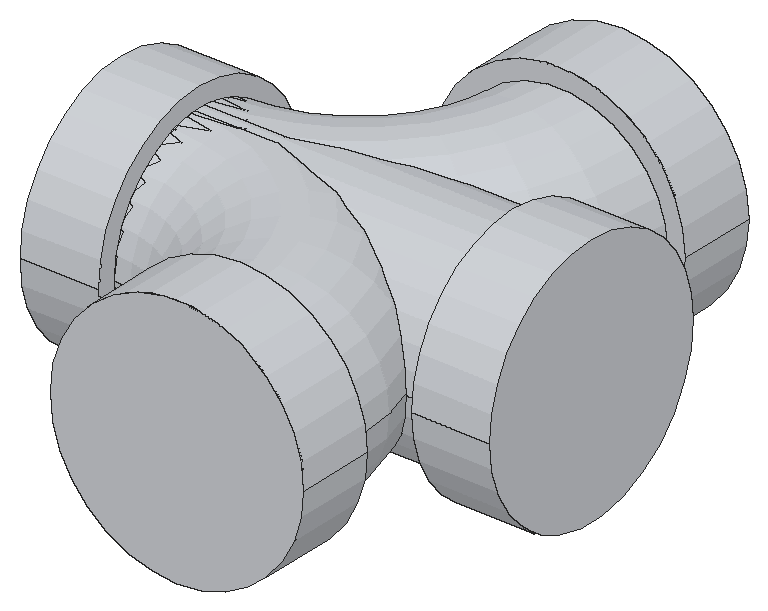
Revit family "顺水四通 - PVC - Sch 40 - DWV", category 管件, Revit 2020
Family settings
  圆形连接件大小 = 使用半径
  零件类型 = 四通
  基于工作平面 = 否
  总是垂直 = 是
  加载时剪切的空心 = 否
  共享 = 否
Parameters (values of type "标准")
  默认高程 = 0 mm
  壁厚 [instance] = size_lookup(查找表格名, "WThk", 0.02 * 公称直径 + 3.274 mm, 公称直径)  # 3.962 mm
  记号尺寸 [instance] = 管件外径 * 0.4  # 19.304 mm
  套管外半径 [instance] = 套管外径 / 2  # 28.283 mm
  套管外径 [instance] = 套管入口直径 + 壁厚 * 2  # 56.566 mm
  套管入口直径 [instance] = size_lookup(查找表格名, "SED", 1.04 * 公称直径 + 9.426 mm, 公称直径)  # 48.641 mm
  套管深度 [instance] = size_lookup(查找表格名, "SDpt", 0.5 * 公称直径, 公称直径)  # 17.45 mm
  套管底部到套管底部管路 [instance] = size_lookup(查找表格名, "SBtSBR", 1.32 * 公称直径 + 23.118 mm, 公称直径)  # 69.85 mm
  半径 4 [instance] = if(长度 9 = 套管深度, 套管外径 / 2, 管件外半径)  # 28.283 mm
  半径 3 [instance] = if(长度 9 = 套管深度, 套管外半径, 管件外半径)  # 28.283 mm
  半径 2 [instance] = if(长度 8 = 套管深度, 套管外径 / 2, 管件外半径)  # 28.283 mm
  半径 1 [instance] = if(长度 8 = 套管深度, 套管外半径, 管件外半径)  # 28.283 mm
  最小角度 12 [instance] = if(角度 1 < 角度 2, 角度 1, 角度 2)  # 90.00°
  查找表格名 = "M_Tee Double Sanitary - PVC - Sch 40 - DWV"
  长度 9 [instance] = if(长度 7 > 套管外半径, 套管深度, if((套管外半径 * cos(角度 2) + 套管外半径 - 长度 5) / sin(角度 2) > 3.175 mm, (套管外半径 * cos(角度 2) + 套管外半径 - 长度 5) / sin(角度 2), 3.175 mm))  # 17.45 mm
  长度 8 [instance] = if(长度 6 > 套管外半径, 套管深度, if((套管外半径 * cos(角度 1) + 套管外半径 - 长度 4) / sin(角度 1) > 3.175 mm, (套管外半径 * cos(角度 1) + 套管外半径 - 长度 4) / sin(角度 1), 3.175 mm))  # 17.45 mm
  长度 7 [instance] = 长度 5 - 套管外半径 * cos(角度 2)  # 44.45 mm
  长度 6 [instance] = 长度 4 - 套管外半径 * cos(角度 1)  # 44.45 mm
  长度 5 [instance] = 中心半径 2 * (1 - cos(角度 2))  # 44.45 mm
  长度 4 [instance] = 中心半径 1 * (1 - cos(角度 1))  # 44.45 mm
  长度 3 [instance] = if(套管底部到套管底部管路 - 中心到套管底部管路 > 3.175 mm, 套管底部到套管底部管路 - 中心到套管底部管路, 3.175 mm)  # 25.4 mm
  长度 2 [instance] = 0 mm  # constant formula
  长度 19 [instance] = if(长度 9 = 套管深度, 套管深度, 套管深度 + 长度 9)  # 17.45 mm
  长度 18 [instance] = if(长度 8 = 套管深度, 套管深度, 套管深度 + 长度 8)  # 17.45 mm
  长度 17 [instance] = 长度 12 + 4572 mm  # 4616.45 mm
  长度 16 [instance] = 长度 10 + 4572 mm  # 4616.45 mm
  长度 15 [instance] = if(最小角度 12 < 90.00°, if(中心到套管底部支管标签 + 长度 3 > 长度 14, 长度 3, 长度 14 - 中心到套管底部支管标签), 长度 3)  # 25.4 mm
  长度 14 [instance] = if(长度 10 > 长度 12, 长度 10 - cos(角度 1) * 套管深度 + 套管外半径 * sin(角度 1), 长度 12 - cos(角度 2) * 套管深度 + 套管外半径 * sin(角度 2))  # 72.733 mm
  长度 13 [instance] = if(长度 7 > 套管外半径, 长度 5 + 套管深度 * sin(角度 2), 长度 5 + (长度 9 + 套管深度) * sin(角度 2))  # 61.9 mm
  长度 12 [instance] = if(长度 7 > 套管外半径, 中心半径 2 * sin(角度 2) + 套管深度 * cos(角度 2), 中心半径 2 * sin(角度 2) + (长度 9 + 套管深度) * cos(角度 2))  # 44.45 mm
  长度 11 [instance] = if(长度 6 > 套管外半径, 长度 4 + 套管深度 * sin(角度 1), 长度 4 + (长度 8 + 套管深度) * sin(角度 1))  # 61.9 mm
  长度 10 [instance] = if(长度 6 > 套管外半径, 中心半径 1 * sin(角度 1) + 套管深度 * cos(角度 1), 中心半径 1 * sin(角度 1) + (长度 8 + 套管深度) * cos(角度 1))  # 44.45 mm
  长度 1 [instance] = if(管件外半径 * tan(角度 1 / 2) > 管件外半径 * tan(角度 2 / 2), 管件外半径 * tan(角度 1 / 2), 管件外半径 * tan(角度 2 / 2))  # 24.13 mm
  中心半径 1 [instance] = 中心到套管底部支管标签 / tan(角度 1 / 2)  # 44.45 mm
  公称半径 [instance] = 20 mm
  公称直径 [instance] = 公称半径 * 2  # 40 mm
  中心半径 2 [instance] = 中心到套管底部支管标签 / tan(角度 2 / 2)  # 44.45 mm
  中心到套管底部支管标签 [instance] = if(长度 1 < 中心到套管底部支管, 中心到套管底部支管, 长度 1 + 3.175 mm)  # 44.45 mm
  管件外半径 [instance] = 管件外径 / 2  # 24.13 mm
  管件外径 [instance] = size_lookup(查找表格名, "FOD", 1.04 * 公称直径 + 9.128 mm, 公称直径)  # 48.26 mm
  中心到套管底部管路 [instance] = 中心到套管底部支管  # 44.45 mm
  中心到套管底部支管 [instance] = size_lookup(查找表格名, "CtSBB", 0.83 * 公称直径 + 14.486 mm, 公称直径)  # 44.45 mm
  角度 2 [instance] = 90.00°
  角度 1 [instance] = 90.00°
Reference planes
  plane 1 "中心(前/后)": y = 0
  plane 2: z = 0
  plane 3 "中心(左/右)": x = 0
  plane 4: x = -44.45
  plane 5: y = 44.45
  plane 6: y = -44.45
  plane 7: x = -44.45
  plane 8: x = 25.4
  plane 9: x = -61.9
  plane 10: x = 42.85
  plane 11: x = -4616.45
  plane 12: y = -61.9
  plane 13: x = 0
  plane 14: y = 61.9
  plane 15: x = 0
Forms (mm)
  Sweep 1, solid, detail levels fine
    path in 3D
      loop
        arc (-44.45, 0, 0) -> (-13.019, 13.019, 0) -> (0, 44.45, 0) r 44.45
    profile origin (-13.019, 13.019, 0) x (-0.707107, 0.707107, 0) y (0, 0, 1)
      loop
        circle (0, 0) r 24.13
  Sweep 2, solid, detail levels fine
    path in 3D
      loop
        line (-61.9, 0, 0) -> (-44.45, 0, 0)
    profile origin (-53.175, 0, 0) x (0, 1, 0) y (0, 0, 1)
      loop
        circle (0, 0) r 28.283
  Sweep 3, solid, detail levels fine
    path in 3D
      loop
        line (25.4, 0, 0) -> (42.85, 0, 0)
    profile origin (34.125, 0, 0) x (0, 1, 0) y (0, 0, 1)
      loop
        circle (0, 0) r 28.283
  Blend 4, solid, detail levels fine
    base sketch origin (0, 0, 0) x (0, 1, 0) y (0, 0, 1)
      loop
        circle (0, 0) r 24.13
    top sketch origin (0, 0, 0) x (0, 1, 0) y (0, 0, 1)
      loop
        circle (0, 0) r 24.13
    from -44.45 to 25.4
  Sweep 5, solid, detail levels fine
    path in 3D
      loop
        line (0, 44.45, 0) -> (0, 61.9, 0)
    profile origin (0, 53.175, 0) x (-1, 0, 0) y (0, 0, 1)
      loop
        circle (0, 0) r 28.283
  Sweep 6, solid, detail levels fine
    path origin (0, 0, 0) x (1, 0, 0) y (0, 1, 0)
      loop
        line (0, 61.9) -> (0, 44.45)
    profile origin (0, 53.175, 0) x (1, 0, 0) y (0, 0, 1)
      loop
        circle (0, 0) r 28.283
  Sweep 7, solid, detail levels fine
    path in 3D
      loop
        arc (-44.45, 0, 0) -> (-13.019, -13.019, 0) -> (0, -44.45, 0) r 44.45
    profile origin (-13.019, -13.019, 0) x (0.707107, 0.707107, 0) y (0, 0, 1)
      loop
        circle (0, 0) r 24.13
  Sweep 8, solid, detail levels fine
    path in 3D
      loop
        line (0, -61.9, 0) -> (0, -44.45, 0)
    profile origin (0, -53.175, 0) x (-1, 0, 0) y (0, 0, 1)
      loop
        circle (0, 0) r 24.13
  Sweep 9, solid, detail levels fine
    path origin (0, 0, 0) x (1, 0, 0) y (0, 1, 0)
      loop
        line (0, -61.9) -> (0, -44.45)
    profile origin (0, -53.175, 0) x (-1, 0, 0) y (0, 0, 1)
      loop
        circle (0, 0) r 28.283
Cuts and joins
  joined: Sweep 2, Sweep 3, Blend 4
  joined: Sweep 1, Sweep 5, Sweep 6
  joined: Sweep 7, Sweep 8, Sweep 9
Lines and regions (mm)
  model lines, detail levels coarse+medium
    curve 1: arc (-44.45, 0, 0) -> (-13.019, 13.019, 0) -> (0, 44.45, 0) r 44.45
    curve 2: line (-44.45, 0, 0) -> (25.4, 0, 0)
    curve 4: line (0, 44.45, 0) -> (0, 61.9, 0)
    curve 5: line (-61.9, 0, 0) -> (-44.45, 0, 0)
    curve 7: line (25.4, 0, 0) -> (42.85, 0, 0)
    curve 9: line (-61.9, 0, 0) -> (-61.9, 19.304, 0)
    curve 10: line (-61.9, 0, 0) -> (-61.9, -19.304, 0)
    curve 11: line (42.85, 0, 0) -> (42.85, 19.304, 0)
    curve 12: line (42.85, 0, 0) -> (42.85, -19.304, 0)
    curve 14: line (0, 61.9, 0) -> (19.304, 61.9, 0)
    curve 15: line (0, 61.9, 0) -> (-19.304, 61.9, 0)
    curve 18: arc (-44.45, 0, 0) -> (-13.019, -13.019, 0) -> (0, -44.45, 0) r 44.45
    curve 19: line (0, -61.9, 0) -> (0, -44.45, 0)
    curve 22: line (0, -61.9, 0) -> (19.304, -61.9, 0)
    curve 23: line (0, -61.9, 0) -> (-19.304, -61.9, 0)
  sketch lines
    curve 3: arc (-44.45, 0, 0) -> (-13.019, 13.019, 0) -> (0, 44.45, 0) r 44.45
    curve 6: line (-61.9, 0, 0) -> (-44.45, 0, 0)
    curve 8: line (25.4, 0, 0) -> (42.85, 0, 0)
    curve 13: line (0, 44.45, 0) -> (0, 61.9, 0)
    curve 20: arc (-44.45, 0, 0) -> (-13.019, -13.019, 0) -> (0, -44.45, 0) r 44.45
    curve 21: line (0, -61.9, 0) -> (0, -44.45, 0)
  reference lines
    curve 16: line (-61.9, 0, 0) -> (-44.45, 0, 0)
    curve 17: line (0, 61.9, 0) -> (0, 44.45, 0)
Dimensions and locks
  "中心到套管底部支管标签": plane 4 to plane 3 "中心(左/右)"
  "中心半径 2": plane 5 to plane 1 "中心(前/后)"
  "中心半径 1": plane 6 to plane 1 "中心(前/后)"
  "长度 19": curve 4 to curve 4
  "套管深度": plane 10 to plane 8
  "套管深度": plane 9 to plane 7
  "长度 2": plane 7 to plane 4
  "长度 15": plane 3 "中心(左/右)" to plane 8
  "记号尺寸": plane 1 "中心(前/后)" to curve 9
  "记号尺寸": curve 10 to plane 1 "中心(前/后)"
  equal spacing: curve 12, plane 1 "中心(前/后)", curve 11
  "记号尺寸": curve 12 to plane 1 "中心(前/后)"
  "长度 11": plane 12 to plane 1 "中心(前/后)"
  "长度 13": plane 14 to plane 1 "中心(前/后)"
  "记号尺寸": curve 14 to curve 14
  "记号尺寸": curve 15 to curve 15
  locked: plane 11 to plane 4 at 4572
  "长度 17": plane 11 to plane 15
  "长度 16": plane 11 to plane 13
  "套管深度": Sweep 6 sketch curve to Sweep 6 sketch curve
  "长度 18": curve 19 to curve 19
  "套管深度": Sweep 9 sketch curve to Sweep 9 sketch curve
  "记号尺寸": curve 22 to curve 22
  "记号尺寸": curve 23 to curve 23
  "中心半径 2": radius of curve 1
  "管件外半径": radius of Sweep 1 sketch curve
  "套管外半径": radius of Sweep 2 sketch curve
  "套管外半径": radius of Sweep 3 sketch curve
  "管件外半径": radius of Blend 4 sketch curve  (x2)
  "半径 3": radius of Sweep 5 sketch curve
  "套管外半径": radius of Sweep 6 sketch curve
  "管件外半径": radius of Sweep 7 sketch curve
  "管件外半径": radius of Sweep 8 sketch curve
  "套管外半径": radius of Sweep 9 sketch curve
  "角度 2": angle curve 1 to curve 1
  "角度 2": angle plane 1 "中心(前/后)" to curve 4
  "角度 2": angle plane 15 to curve 14
  "角度 2": angle plane 15 to curve 15
  "角度 2": angle plane 14 to curve 17
  "角度 2": angle plane 14 to Sweep 6 sketch curve
  "角度 1": angle curve 18 to curve 18
  "角度 1": angle curve 19 to plane 12
  "角度 1": angle Sweep 9 sketch curve to plane 12
  locked: curve 22 to curve 19 (angle 90.00°)
  locked: curve 19 to curve 23 (angle 90.00°)
  aligned and locked: plane 1 "中心(前/后)" to curve 2
  aligned and locked: level to Sweep 1 sketch curve
  aligned and locked: plane 1 "中心(前/后)" to curve 5
  aligned and locked: plane 9 to curve 5
  aligned and locked: plane 1 "中心(前/后)" to curve 7
  aligned and locked: plane 8 to curve 7
  aligned and locked: plane 10 to curve 7
  aligned and locked: plane 7 to curve 5
  aligned and locked: level to Blend 4 sketch curve  (x2)
  aligned and locked: plane 1 "中心(前/后)" to Blend 4 sketch curve  (x2)
  aligned and locked: Blend 4 to plane 7
  aligned and locked: plane 8 to Blend 4
  aligned and locked: plane 9 to curve 16
  aligned and locked: plane 1 "中心(前/后)" to curve 16
  aligned and locked: plane 14 to curve 17
  aligned and locked: plane 15 to curve 17
  aligned and locked: plane 14 to Sweep 6 sketch curve
  aligned and locked: plane 15 to Sweep 6 sketch curve
  aligned and locked: plane 4 to curve 18
  aligned and locked: plane 13 to curve 19
  aligned and locked: plane 12 to Sweep 9 sketch curve
  aligned and locked: plane 13 to Sweep 9 sketch curve
  aligned and locked: plane 12 to curve 23
Automatic sketch dimensions
  Sweep 1 sketch curve to profile plane = 0 mm
  Sweep 2 sketch curve to profile plane = 0 mm  (x2)
  Sweep 3 sketch curve to profile plane = 0 mm  (x2)
  Sweep 5 sketch curve to profile plane = 0 mm  (x2)
  Sweep 6 sketch curve to level = 0 mm
  Sweep 6 sketch curve to profile plane = 0 mm
  Sweep 7 sketch curve to profile plane = 0 mm  (x2)
  Sweep 8 sketch curve to profile plane = 0 mm
  profile plane to Sweep 8 sketch curve = 0 mm
  level to Sweep 9 sketch curve = 0 mm
  Sweep 9 sketch curve to profile plane = 0 mm
  curve 1 to plane 4 = 0 mm
  curve 16 to plane 4 = 0 mm
Connectors
  piping at (-61.9, 0, 0), diameter 40, driven by "公称半径"
    settings: on Sweep 2, index 1, connector inside diameter 40 mm, connector length 0 mm, flow factor 0, pipe flow 0.0 L/s, pressure drop 0.0 Pa, fitting loss kfactor 0, connector angle 0.00°, fixture units 0, engagement length 0 mm, angle of deflection 0.00°, flow configuration 0, flow direction 0, fitting loss method 0, system type 28, joint type 0, gender type 0, connector reference index 2, connector utility 0, adjustable connector no, is connector primary yes, connector description ""
  piping at (42.85, 0, 0), diameter 40, driven by "公称半径"
    settings: on Sweep 3, index 2, connector inside diameter 40 mm, connector length 0 mm, flow factor 0, pipe flow 0.0 L/s, pressure drop 0.0 Pa, fitting loss kfactor 0, connector angle 0.00°, fixture units 0, engagement length 0 mm, angle of deflection 0.00°, flow configuration 0, flow direction 0, fitting loss method 0, system type 28, joint type 0, gender type 0, connector reference index 1, connector utility 0, adjustable connector no, is connector primary no, connector description ""
  piping at (0, 61.9, 0), diameter 40, driven by "角度 2", driven by "公称半径"
    settings: on cut or joined group of Sweep 1, Sweep 5, Sweep 6, index 4, connector inside diameter 40 mm, connector length 0 mm, flow factor 0, pipe flow 0.0 L/s, pressure drop 0.0 Pa, fitting loss kfactor 0, connector angle 90.00°, fixture units 0, engagement length 0 mm, angle of deflection 0.00°, flow configuration 0, flow direction 0, fitting loss method 0, system type 28, joint type 0, gender type 0, connector reference index -1, connector utility 0, adjustable connector no, is connector primary no, connector description ""
  piping at (0, -61.9, 0), diameter 40, driven by "公称半径", driven by "角度 1"
    settings: on cut or joined group of Sweep 7, Sweep 8, Sweep 9, index 5, connector inside diameter 40 mm, connector length 0 mm, flow factor 0, pipe flow 0.0 L/s, pressure drop 0.0 Pa, fitting loss kfactor 0, connector angle 90.00°, fixture units 0, engagement length 0 mm, angle of deflection 0.00°, flow configuration 0, flow direction 0, fitting loss method 0, system type 28, joint type 0, gender type 0, connector reference index -1, connector utility 0, adjustable connector no, is connector primary no, connector description ""
